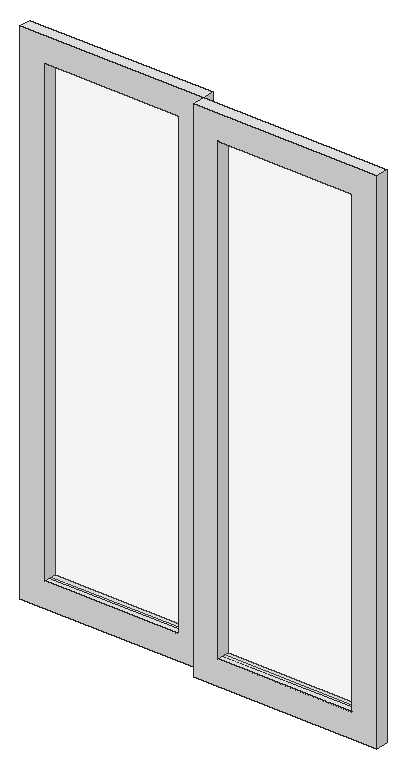
Revit family "CW Sliding Single Glass", category Doors, Revit 2015
Parameters (values of type "50mm")
  Visual Light Transmittance = 0
  Thickness = 50.00 mm
  Thermal Resistance (R) = 0.2701 (m²·K)/W
  Solar Heat Gain Coefficient = 0
  Model = ""
  Material = none
  Material Glass = none
  Heat Transfer Coefficient (U) = 3.7021 W/(m²·K)
  Function = Interior
  Rail Width = 100.00 mm
  Construction Type = ""
  CQUnit = "pcs"
  CQKeynoteText = ""
  Assembly Code = ""
  Analytic Construction = "Metal"
Reference planes
  plane 1 "Center (Front/Back)": y = 0
  plane 2: z = 0
  plane 3 "Center (Left/Right)": x = 246.923
  plane 4: x = -503.077
  plane 5: x = 996.923
  plane 6 "Top": z = 2100
  plane 7: y = 50
  plane 8: y = -50
  plane 9: y = 25
  plane 10: y = -25
  plane 11: z = 1050
Forms (mm)
  Extrusion 1, solid, material <- "Material"
    sketch origin (-937.503, 0, 0) x (-1, 0, 0) y (0, 0, -1)
      loop
        line (-1184.426, 0) -> (-1934.426, 0) -> (-1934.426, -2100) -> (-1184.426, -2100) -> (-1184.426, 0)
      loop
        line (-1284.426, -2000) -> (-1284.426, -100) -> (-1834.426, -100) -> (-1834.426, -2000) -> (-1284.426, -2000)
    from 0 to 50
  Extrusion 2, solid, material <- "Material Glass"
    sketch origin (-937.503, 0, 0) x (-1, 0, 0) y (0, 0, -1)
      loop
        line (-1284.426, -100) -> (-1834.426, -100) -> (-1834.426, -2000) -> (-1284.426, -2000) -> (-1284.426, -100)
    from 20 to 30
  Extrusion 3, solid, material <- "Material"
    sketch origin (645.675, 0, 0) x (1, 0, 0) y (0, 0, 1)
      loop
        line (-398.752, 0) -> (-398.752, 2100) -> (-1148.752, 2100) -> (-1148.752, 0) -> (-398.752, 0)
      loop
        line (-498.752, 2000) -> (-1048.752, 2000) -> (-1048.752, 100) -> (-498.752, 100) -> (-498.752, 2000)
    from -50 to 0
  Extrusion 4, solid, material <- "Material Glass"
    sketch origin (645.675, 0, 0) x (1, 0, 0) y (0, 0, 1)
      loop
        line (-498.752, 100) -> (-498.752, 2000) -> (-1048.752, 2000) -> (-1048.752, 100) -> (-498.752, 100)
    from -30 to -20
Lines and regions (mm)
  symbolic lines
    curve 1: line (-403.077, 125, 0) -> (146.923, 125, 0)
    curve 2: line (146.923, 125, 0) -> (38.166, 175.714, 0)
  symbolic lines, style "Elevation Swing"
    curve 3: line (-503.077, 0, 1050) -> (246.923, 0, 1050)
    curve 4: line (246.923, 0, 1050) -> (73.718, 0, 1150)
    curve 5: line (246.923, 0, 1050) -> (73.718, 0, 950)
Text (mm)
  text "Exterior" at (-1161.5, 797.241, 0), in view "Ref. Level"
Dimensions and locks
  equal spacing: plane 4, plane 3 "Center (Left/Right)", plane 5
  "Thickness": plane 1 "Center (Front/Back)" to plane 7
  "Thickness": plane 8 to plane 1 "Center (Front/Back)"
  equal spacing: plane 8, plane 10, plane 1 "Center (Front/Back)"
  equal spacing: plane 1 "Center (Front/Back)", plane 9, plane 7
  equal spacing: Extrusion 2, plane 10, Extrusion 2
  locked: Extrusion 2 to Extrusion 2 at 10
  equal spacing: Extrusion 4, plane 9, Extrusion 4
  locked: Extrusion 4 to Extrusion 4 at 10
  equal spacing: plane 2, plane 11, plane 6 "Top"
  "Rail Width": plane 4 to Extrusion 3
  "Rail Width": plane 3 "Center (Left/Right)" to Extrusion 3
  "Rail Width": Extrusion 3 to plane 6 "Top"
  "Rail Width": plane 2 to Extrusion 3
  "Rail Width": Extrusion 1 to plane 3 "Center (Left/Right)"
  "Rail Width": Extrusion 1 to plane 5
  "Rail Width": Extrusion 1 to plane 6 "Top"
  "Rail Width": plane 2 to Extrusion 1
  locked: curve 1 to Extrusion 3 at 75
  aligned and locked: Extrusion 4 to Extrusion 3  (x4)
  aligned and locked: plane 1 "Center (Front/Back)" to Extrusion 3
  aligned and locked: Extrusion 3 to plane 7
  aligned and locked: Extrusion 1 to plane 8
  aligned and locked: Extrusion 2 to Extrusion 1  (x2)
Automatic sketch dimensions
  curve 2 to plane 3 "Center (Left/Right)" = 100.00 mm
  curve 2 to curve 1 = 108.757 mm
  curve 1 to plane 4 = 100.00 mm
  curve 1 to curve 2 = 50.714 mm
  Extrusion 1 sketch curve to level = 0.00 mm
  plane 5 to Extrusion 1 sketch curve = 0.00 mm
  Extrusion 1 sketch curve to plane 3 "Center (Left/Right)" = 0.00 mm
  Extrusion 1 sketch curve to plane 6 "Top" = 0.00 mm
  Extrusion 1 sketch curve to plane 5 = 100.00 mm
  Extrusion 1 sketch curve to plane 3 "Center (Left/Right)" = 100.00 mm
  Extrusion 1 sketch curve to level = 100.00 mm
  Extrusion 1 sketch curve to plane 6 "Top" = 100.00 mm
  Extrusion 2 sketch curve to plane 5 = 100.00 mm
  Extrusion 2 sketch curve to plane 3 "Center (Left/Right)" = 100.00 mm
  Extrusion 2 sketch curve to level = 100.00 mm
  Extrusion 2 sketch curve to plane 6 "Top" = 100.00 mm
  Extrusion 3 sketch curve to level = 0.00 mm
  plane 4 to Extrusion 3 sketch curve = 0.00 mm
  Extrusion 3 sketch curve to plane 3 "Center (Left/Right)" = 0.00 mm
  Extrusion 3 sketch curve to plane 6 "Top" = 0.00 mm
  Extrusion 3 sketch curve to plane 4 = 100.00 mm
  Extrusion 3 sketch curve to plane 3 "Center (Left/Right)" = 100.00 mm
  level to Extrusion 3 sketch curve = 100.00 mm
  plane 6 "Top" to Extrusion 3 sketch curve = 100.00 mm
  Extrusion 4 sketch curve to plane 4 = 100.00 mm
  Extrusion 4 sketch curve to plane 3 "Center (Left/Right)" = 100.00 mm
  level to Extrusion 4 sketch curve = 100.00 mm
  plane 6 "Top" to Extrusion 4 sketch curve = 100.00 mm
  curve 3 to plane 3 "Center (Left/Right)" = 0.00 mm
  plane 4 to curve 3 = 0.00 mm
  curve 4 to plane 11 = 0.00 mm
  plane 3 "Center (Left/Right)" to curve 4 = 173.205 mm
  plane 3 "Center (Left/Right)" to curve 5 = 173.205 mm
  plane 11 to curve 5 = 100.00 mm
  curve 4 to plane 11 = 100.00 mm
